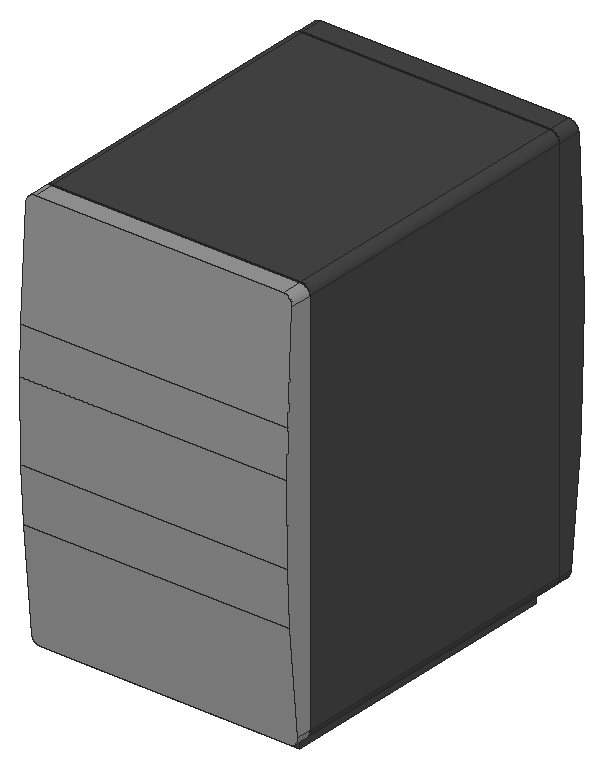
Revit family "Franke_Under_table_refrigerator_UT12_EC-A600_MS_EC_A600_FM_EC_A800_FM_EC(CN)", category Specialty Equipment, Revit 2015
Parameters (values of type "Under table refrigerator UT12 EC-A600 MS EC,A600 FM EC,A800 FM EC(220V/CN)")
  Volts max. = 0 V
  URL = "https://www.franke.com/main/en/cs/products/product-search.html"
  Depth (mm) = 475 mm
  Temperature range = "+ 3° to + 8°"
  Volts min. = 220 V
  Max Overcurrent Protection = "-"
  Cycle Alternative = 0 Hz
  Cycle = 50 Hz
  Model = "410880 - Under table refrigerator UT12 EC - A600 MS EC, A600 FM EC, A800 FM EC"
  Milk storage = "12 l"
  Current consumption = 0.8 A
  Cost = 0
  Height (mm) = 544 mm
  Manufacturer = "Franke"
  Energy loss acc. to DIN 18873 = "0.783 kWh/24 h - 230 V"
  Width (mm) = 340 mm
  Description = "key module Under table refrigerator UT12 for storage of cooled milk"
  Assembly Code = "key module Under table refrigerator UT12"
  Keynote = "key module Under table refrigerator UT12"
  Weight = "26 kg"
  Number of Poles = 1
  Number of Protective Conductors = "1"
  Number of Nutral Conductors = "1"
Reference planes
  plane 1 "Mitte (Vorne/Hinten)": y = 0
  plane 2: z = 0
  plane 3 "Mitte (Links/Rechts)": x = 0
Forms (mm)
  Extrusion 1, solid, material "Franke Black"
    sketch origin (0, 0, -42) x (1, 0, 0) y (0, 0, 1)
      loop
        arc (-170, 78) -> (-166.485, 69.515) -> (-158, 66) r 12
        line (-158, 66) -> (158, 66)
        arc (158, 66) -> (166.485, 69.515) -> (170, 78) r 12
        line (170, 78) -> (170, 574)
        arc (170, 574) -> (166.485, 582.485) -> (158, 586) r 12
        line (158, 586) -> (-158, 586)
        arc (-158, 586) -> (-166.485, 582.485) -> (-170, 574) r 12
        line (-170, 574) -> (-170, 78)
    from -198.03 to 198.03
  Extrusion 2, solid, material "Franke Black"
    sketch origin (0, 0, -42) x (0, 1, 0) y (0, 0, 1)
      loop
        line (186.97, 66) -> (-188.03, 66) -> (-188.03, 46) -> (186.97, 46) -> (186.97, 66)
    from -149 to 149
  Extrusion 3, solid, material "Franke Black"
    sketch origin (0, 0, -42) x (1, 0, 0) y (0, 1, 0)
      loop
        line (-139, 119.911) -> (-139, 96.511) -> (-120.3, 96.511) -> (-120.3, 119.911) -> (-139, 119.911)
      loop
        line (120.3, 119.911) -> (120.3, 96.511) -> (139, 96.511) -> (139, 119.911) -> (120.3, 119.911)
      loop
        line (120.3, -95.689) -> (120.3, -119.089) -> (139, -119.089) -> (139, -95.689) -> (120.3, -95.689)
      loop
        line (-139, -95.689) -> (-139, -119.089) -> (-120.3, -119.089) -> (-120.3, -95.689) -> (-139, -95.689)
    from 42 to 46
  Extrusion 4, void
    sketch origin (0, 0, -42) x (1, 0, 0) y (0, 1, 0)
      loop
        circle (-127.5, 166.47) r 16
      loop
        circle (-127.5, -166.13) r 16
      loop
        circle (127.5, 166.47) r 16
      loop
        circle (127.5, -166.13) r 16
    from 16.904 to 51
  Extrusion 5, solid, material "Franke Anthracite"
    sketch origin (0, 0, -42) x (0, 1, 0) y (0, 0, 1)
      loop
        line (-199.53, 586) -> (-226.03, 586)
        arc (-226.03, 586) -> (-230.938, 512.688) -> (-234.804, 439.314) r 5166.525
        arc (-234.804, 439.314) -> (-235.718, 409.388) -> (-235.736, 379.448) r 1000
        arc (-235.736, 379.448) -> (-234.928, 328.403) -> (-233.97, 277.36) r 17389.365
        arc (-233.97, 277.36) -> (-232.66, 242.583) -> (-230.141, 207.872) r 1000
        arc (-230.141, 207.872) -> (-223.415, 136.903) -> (-216.03, 66) r 7668.804
        line (-216.03, 66) -> (-199.53, 66) -> (-199.53, 586)
    from -170 to 170
  Extrusion 6, solid, material "Franke Black"
    sketch origin (0, 0, -42) x (0, 1, 0) y (0, 0, 1)
      loop
        line (228.03, 586) -> (199.53, 586) -> (199.53, 66) -> (216.03, 66)
        arc (216.03, 66) -> (223.625, 137.651) -> (230.787, 209.347) r 11934.303
        arc (230.787, 209.347) -> (233.53, 243.904) -> (235.074, 278.535) r 1000
        arc (235.074, 278.535) -> (236.278, 326.896) -> (237.256, 375.262) r 10374.963
        arc (237.256, 375.262) -> (237.334, 405.934) -> (236.472, 436.595) r 1000
        arc (236.472, 436.595) -> (232.736, 511.325) -> (228.03, 586) r 5764.394
    from -170 to 170
  Extrusion 7, solid, material "Franke Black"
    sketch origin (0, 0, -42) x (1, 0, 0) y (0, 0, 1)
      loop
        line (-120, 576) -> (-120, 66) -> (120, 66) -> (120, 576) -> (-120, 576)
    from 198.03 to 199.53
  Extrusion 8, solid, material "Franke Black"
    sketch origin (0, 397.56, -42) x (1, 0, 0) y (0, 0, 1)
      loop
        line (-120, 576) -> (-120, 66) -> (120, 66) -> (120, 576) -> (-120, 576)
    from 198.03 to 199.53
  Extrusion 9, void
    sketch origin (0, 0, -42) x (1, 0, 0) y (0, 0, 1)
      loop
        line (-158, 586) -> (-158, 596) -> (-180, 596) -> (-180, 574) -> (-170, 574)
        arc (-170, 574) -> (-166.485, 582.485) -> (-158, 586) r 12
      loop
        arc (158, 586) -> (166.485, 582.485) -> (170, 574) r 12
        line (170, 574) -> (180, 574) -> (180, 596) -> (158, 596) -> (158, 586)
      loop
        arc (-158, 66) -> (-166.485, 69.515) -> (-170, 78) r 12
        line (-170, 78) -> (-180, 78) -> (-180, 56) -> (-158, 56) -> (-158, 66)
      loop
        line (158, 66) -> (158, 56) -> (180, 56) -> (180, 78) -> (170, 78)
        arc (170, 78) -> (166.485, 69.515) -> (158, 66) r 12
    from -296.752 to 350.669
  Extrusion 10, solid
    sketch origin (0, 0, 0) x (1, 0, 0) y (0, 1, 0)
      loop
        circle (0, 140.802) r 2.5
    from 0 to 4
Cuts and joins
  Extrusion 4 cuts Extrusion 2
  Extrusion 9 cuts Extrusion 5
  Extrusion 9 cuts Extrusion 6
Dimensions and locks
  aligned and locked: level to plane 2
Connectors
  electrical at (0, 140.802, 0), driven by "Volts min.", driven by "Number of Poles"
    settings: on Extrusion 10, index 1, voltage 220 V, apparent load 0 VA, apparent load phase1 0 VA, apparent load phase2 0 VA, apparent load phase3 0 VA, power factor 1, load classification "Strom", number of poles 1, system type 31, power factor state 1, is connector primary yes, connector utility no, sub classification motor no, connector description ""
